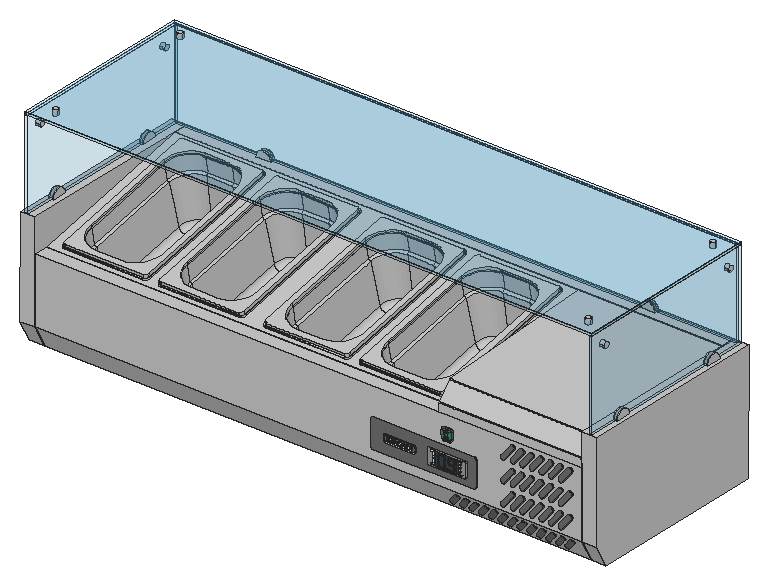
Revit family "QF_BLIZZARD_TOP1200CR", category Specialty Equipment, Revit 2016
Family settings
  Part Type = Normal
  Round Connector Dimension = Use Diameter
  OmniClass Number = 23.40.40.14
  OmniClass Title = Food Service Equipment
  Work Plane-Based = No
  Always vertical = Yes
  Cut with Voids When Loaded = No
  Shared = No
  Room Calculation Point = No
Parameters (values of type "TOP1200CR")
  URL = "www.blizzardequipment.com"
  Show Logo [instance] = yes
  Show Clearance [instance] = yes
  Model = "TOP1200CR"
  Manufacturer = "BLIZZARD"
  Description = "1/3 GASTRONORM PREP TOP WITH GLASS COVER 1200MM"
  Assembly Code = "E1090320"
Reference planes
  plane 1 "Back": y = 0
  plane 2: z = 0
  plane 3 "Left": x = 0
  plane 4 "Right": x = 1200
  plane 5 "Front": y = -395
  plane 6 "Top": z = 439
Forms (mm)
  Extrusion 1, solid
    sketch origin (0, -4, -8) x (0, 1, 0) y (0, 0, 1)
      loop
        line (-391, 53) -> (-366, 8) -> (2.955, 8)
        arc (2.955, 8) -> (3.694, 8.306) -> (4, 9.045) r 1.045
        line (4, 9.045) -> (4, 258) -> (-391, 258) -> (-391, 53)
    from 0 to 30
  Extrusion 2, solid
    sketch origin (1170, -4, -8) x (0, 1, 0) y (0, 0, 1)
      loop
        line (-391, 53) -> (-366, 8) -> (2.955, 8)
        arc (2.955, 8) -> (3.694, 8.306) -> (4, 9.045) r 1.045
        line (4, 9.045) -> (4, 258) -> (-391, 258) -> (-391, 53)
    from 0 to 30
  Extrusion 3, solid
    sketch origin (-580, -4, -8) x (0, 1, 0) y (0, 0, 1)
      loop
        line (-391, 53) -> (-366, 8) -> (2.955, 8)
        arc (2.955, 8) -> (3.694, 8.306) -> (4, 9.045) r 1.045
        line (4, 9.045) -> (4, 258) -> (-26, 258) -> (-26, 38) -> (-348.348, 38) -> (-361, 60.774) -> (-361, 190.193) -> (-391, 190.193) -> (-391, 53)
    from 610 to 1750
  Extrusion 4, solid
    sketch origin (10, 0, -20) x (0, 1, 0) y (0, 0, 1)
      loop
        line (-5, 455) -> (-395, 455) -> (-395, 270) -> (-5, 270) -> (-5, 455)
    from 0 to 5
  Extrusion 5, solid
    sketch origin (1185, 0, -20) x (0, 1, 0) y (0, 0, 1)
      loop
        line (-5, 455) -> (-395, 455) -> (-395, 270) -> (-5, 270) -> (-5, 455)
    from 0 to 5
  Extrusion 6, solid
    sketch origin (-610, 0, -20) x (0, 1, 0) y (0, 0, 1)
      loop
        line (-5, 460) -> (-395, 460) -> (-395, 455) -> (-5, 455) -> (-5, 460)
    from 620 to 1800
  Extrusion 7, solid
    sketch origin (-610, -5, -20) x (1, 0, 0) y (0, 0, 1)
      loop
        line (625, 455) -> (625, 270) -> (1795, 270) -> (1795, 455) -> (625, 455)
    from 0 to 5
  Extrusion 8, solid
    sketch origin (8, -65, -20) x (0, 1, 0) y (0, 0, 1)
      loop
        arc (0, 270) -> (-15, 285) -> (-30, 270) r 15
        line (-30, 270) -> (0, 270)
    from 0 to 2
  Extrusion 9, solid
    sketch origin (8, -330, -20) x (0, -1, 0) y (0, 0, -1)
      loop
        line (0, -270) -> (-30, -270)
        arc (-30, -270) -> (-15, -285) -> (0, -270) r 15
    from 0 to 2
  Extrusion 10, solid
    sketch origin (15, -65, -20) x (0, 1, 0) y (0, 0, 1)
      loop
        arc (0, 270) -> (-15, 285) -> (-30, 270) r 15
        line (-30, 270) -> (0, 270)
    from 0 to 2
  Extrusion 11, solid
    sketch origin (15, -330, -20) x (0, -1, 0) y (0, 0, -1)
      loop
        line (0, -270) -> (-30, -270)
        arc (-30, -270) -> (-15, -285) -> (0, -270) r 15
    from 0 to 2
  Extrusion 12, solid
    sketch origin (1183, -65, -20) x (0, 1, 0) y (0, 0, 1)
      loop
        arc (0, 270) -> (-15, 285) -> (-30, 270) r 15
        line (-30, 270) -> (0, 270)
    from 0 to 2
  Extrusion 13, solid
    sketch origin (1183, -330, -20) x (0, -1, 0) y (0, 0, -1)
      loop
        line (0, -270) -> (-30, -270)
        arc (-30, -270) -> (-15, -285) -> (0, -270) r 15
    from 0 to 2
  Extrusion 14, solid
    sketch origin (1190, -65, -20) x (0, 1, 0) y (0, 0, 1)
      loop
        arc (0, 270) -> (-15, 285) -> (-30, 270) r 15
        line (-30, 270) -> (0, 270)
    from 0 to 2
  Extrusion 15, solid
    sketch origin (1190, -330, -20) x (0, -1, 0) y (0, 0, -1)
      loop
        line (0, -270) -> (-30, -270)
        arc (-30, -270) -> (-15, -285) -> (0, -270) r 15
    from 0 to 2
  Extrusion 16, solid
    sketch origin (7.5, 0, -20) x (0, 1, 0) y (0, 0, 1)
      loop
        circle (-359.645, 424.645) r 5
    from 0 to 10
  Extrusion 17, solid
    sketch origin (1192.5, 0, -20) x (0, 1, 0) y (0, 0, -1)
      loop
        circle (-359.645, -424.645) r 5
    from 0 to 10
  Extrusion 18, solid
    sketch origin (7.5, -395, -20) x (0, -1, 0) y (0, 0, -1)
      loop
        circle (-359.645, -424.645) r 5
    from 0 to 10
  Extrusion 19, solid
    sketch origin (1192.5, -395, -20) x (0, -1, 0) y (0, 0, 1)
      loop
        circle (-359.645, 424.645) r 5
    from 0 to 10
  Extrusion 20, solid
    sketch origin (0, 0, 432.5) x (1, 0, 0) y (0, 1, 0)
      loop
        circle (45.355, -35.355) r 5
    from 0 to 10
  Extrusion 21, solid
    sketch origin (1200, 0, 432.5) x (-1, 0, 0) y (0, -1, 0)
      loop
        circle (45.355, 35.355) r 5
    from 0 to 10
  Extrusion 22, solid
    sketch origin (0, -395, 432.5) x (1, 0, 0) y (0, 1, 0)
      loop
        circle (45.355, 35.355) r 5
    from 0 to 10
  Extrusion 23, solid
    sketch origin (1200, -395, 432.5) x (-1, 0, 0) y (0, -1, 0)
      loop
        circle (45.355, -35.355) r 5
    from 0 to 10
  Extrusion 24, solid
    sketch origin (-610, 389.719, 331.894) x (1, 0, 0) y (0, 0.980124, 0.198386)
      loop
        line (640, -769.416) -> (1780, -769.416) -> (1780, -427.653) -> (640, -427.653) -> (640, -769.416)
      loop
        line (833, -442.96) -> (671, -442.96)
        arc (671, -442.96) -> (666.757, -444.717) -> (665, -448.96) r 6
        line (665, -448.96) -> (665, -749.86)
        arc (665, -749.86) -> (666.757, -754.102) -> (671, -755.86) r 6
        line (671, -755.86) -> (833, -755.86)
        arc (833, -755.86) -> (837.243, -754.102) -> (839, -749.86) r 6
        line (839, -749.86) -> (839, -448.96)
        arc (839, -448.96) -> (837.243, -444.717) -> (833, -442.96) r 6
      loop
        line (1032, -442.96) -> (870, -442.96)
        arc (870, -442.96) -> (865.757, -444.717) -> (864, -448.96) r 6
        line (864, -448.96) -> (864, -749.86)
        arc (864, -749.86) -> (865.757, -754.102) -> (870, -755.86) r 6
        line (870, -755.86) -> (1032, -755.86)
        arc (1032, -755.86) -> (1036.243, -754.102) -> (1038, -749.86) r 6
        line (1038, -749.86) -> (1038, -448.96)
        arc (1038, -448.96) -> (1036.243, -444.717) -> (1032, -442.96) r 6
      loop
        line (1252, -442.96) -> (1090, -442.96)
        arc (1090, -442.96) -> (1085.757, -444.717) -> (1084, -448.96) r 6
        line (1084, -448.96) -> (1084, -749.86)
        arc (1084, -749.86) -> (1085.757, -754.102) -> (1090, -755.86) r 6
        line (1090, -755.86) -> (1252, -755.86)
        arc (1252, -755.86) -> (1256.243, -754.102) -> (1258, -749.86) r 6
        line (1258, -749.86) -> (1258, -448.96)
        arc (1258, -448.96) -> (1256.243, -444.717) -> (1252, -442.96) r 6
      loop
        line (1451, -442.96) -> (1289, -442.96)
        arc (1289, -442.96) -> (1284.757, -444.717) -> (1283, -448.96) r 6
        line (1283, -448.96) -> (1283, -749.86)
        arc (1283, -749.86) -> (1284.757, -754.102) -> (1289, -755.86) r 6
        line (1289, -755.86) -> (1451, -755.86)
        arc (1451, -755.86) -> (1455.243, -754.102) -> (1457, -749.86) r 6
        line (1457, -749.86) -> (1457, -448.96)
        arc (1457, -448.96) -> (1455.243, -444.717) -> (1451, -442.96) r 6
    from 0 to 3
  Sweep 25, solid
    path origin (379, -13.722, 107.395) x (0, -0.980124, -0.198386) y (1, 0, 0)
      loop
        line (62.985, -289.089) -> (255.95, -289.089)
        arc (255.95, -289.089) -> (273.337, -281.887) -> (280.539, -264.5) r 24.589
        line (280.539, -264.5) -> (280.539, -209.5)
        arc (280.539, -209.5) -> (273.337, -192.113) -> (255.95, -184.911) r 24.589
        line (255.95, -184.911) -> (62.985, -184.911)
        arc (62.985, -184.911) -> (45.598, -192.113) -> (38.396, -209.5) r 24.589
        line (38.396, -209.5) -> (38.396, -264.5)
        arc (38.396, -264.5) -> (45.598, -281.887) -> (62.985, -289.089) r 24.589
    profile origin (89.911, -170.02, 75.759) x (1, 0, 0) y (0, -0.198386, 0.980124)
      loop
        arc (0, 2) -> (-9.637, 5.845) -> (-13.981, 15.267) r 14
        line (-13.981, 15.267) -> (-18.689, 105.106) -> (-23.411, 109.828) -> (-23.411, 143) -> (-25.411, 143) -> (-25.411, 109) -> (-20.646, 104.235) -> (-15.978, 15.163)
        arc (-15.978, 15.163) -> (-11.014, 4.394) -> (0, 0) r 16
        line (0, 0) -> (0, 2)
  Extrusion 26, solid
    sketch origin (379, -14.714, 112.295) x (0, -0.980124, -0.198386) y (1, 0, 0)
      loop
        line (0, -156) -> (0, -318)
        arc (0, -318) -> (2.636, -324.364) -> (9, -327) r 9
        line (9, -327) -> (309.939, -327)
        arc (309.939, -327) -> (316.303, -324.364) -> (318.939, -318) r 9
        line (318.939, -318) -> (318.939, -156)
        arc (318.939, -156) -> (316.303, -149.636) -> (309.939, -147) r 9
        line (309.939, -147) -> (9, -147)
        arc (9, -147) -> (2.636, -149.636) -> (0, -156) r 9
      loop
        arc (14.985, -264.5) -> (29.043, -298.441) -> (62.985, -312.5) r 48
        line (62.985, -312.5) -> (256.139, -312.5)
        arc (256.139, -312.5) -> (289.949, -298.495) -> (303.954, -264.685) r 47.815
        line (303.954, -264.685) -> (303.954, -209.5)
        arc (303.954, -209.5) -> (289.895, -175.559) -> (255.954, -161.5) r 48
        line (255.954, -161.5) -> (62.985, -161.5)
        arc (62.985, -161.5) -> (29.043, -175.559) -> (14.985, -209.5) r 48
        line (14.985, -209.5) -> (14.985, -264.5)
    from 138 to 140
  Extrusion 27, solid
    sketch origin (379, -14.714, 112.295) x (0, -0.980124, -0.198386) y (1, 0, 0)
      loop
        arc (3, -318) -> (4.757, -322.243) -> (9, -324) r 6
        line (9, -324) -> (309.939, -324)
        arc (309.939, -324) -> (314.181, -322.243) -> (315.939, -318) r 6
        line (315.939, -318) -> (315.939, -156)
        arc (315.939, -156) -> (314.181, -151.757) -> (309.939, -150) r 6
        line (309.939, -150) -> (9, -150)
        arc (9, -150) -> (4.757, -151.757) -> (3, -156) r 6
        line (3, -156) -> (3, -318)
      loop
        arc (14.985, -264.5) -> (29.043, -298.441) -> (62.985, -312.5) r 48
        line (62.985, -312.5) -> (255.954, -312.5)
        arc (255.954, -312.5) -> (289.895, -298.441) -> (303.954, -264.5) r 48
        line (303.954, -264.5) -> (303.954, -209.5)
        arc (303.954, -209.5) -> (289.895, -175.559) -> (255.954, -161.5) r 48
        line (255.954, -161.5) -> (62.985, -161.5)
        arc (62.985, -161.5) -> (29.043, -175.559) -> (14.985, -209.5) r 48
        line (14.985, -209.5) -> (14.985, -264.5)
    from 140 to 145
  Extrusion 28, solid
    sketch origin (379, -425.374, 24.073) x (0, -0.980124, -0.198386) y (1, 0, 0)
      loop
        arc (-357.015, -184.911) -> (-374.402, -192.113) -> (-381.604, -209.5) r 24.589
        line (-381.604, -209.5) -> (-381.604, -264.5)
        arc (-381.604, -264.5) -> (-374.402, -281.887) -> (-357.015, -289.089) r 24.589
        line (-357.015, -289.089) -> (-163.865, -289.089)
        arc (-163.865, -289.089) -> (-146.609, -281.941) -> (-139.461, -264.685) r 24.404
        line (-139.461, -264.685) -> (-139.461, -209.315)
        arc (-139.461, -209.315) -> (-146.609, -192.059) -> (-163.865, -184.911) r 24.404
        line (-163.865, -184.911) -> (-357.015, -184.911)
    from 0 to 2
  Extrusion 29, solid
    sketch origin (42.5, -3, -20) x (1, 0, 0) y (0, 0, 1)
      loop
        line (142.5, 270) -> (172.5, 270)
        arc (172.5, 270) -> (157.5, 285) -> (142.5, 270) r 15
    from 0 to 2
  Extrusion 30, solid
    sketch origin (1157.5, -3, -20) x (-1, 0, 0) y (0, 0, -1)
      loop
        arc (142.5, -270) -> (157.5, -285) -> (172.5, -270) r 15
        line (172.5, -270) -> (142.5, -270)
    from 0 to 2
  Extrusion 31, solid
    sketch origin (42.5, -10, -20) x (1, 0, 0) y (0, 0, 1)
      loop
        line (142.5, 270) -> (172.5, 270)
        arc (172.5, 270) -> (157.5, 285) -> (142.5, 270) r 15
    from 0 to 2
  Extrusion 32, solid
    sketch origin (1157.5, -10, -20) x (-1, 0, 0) y (0, 0, -1)
      loop
        arc (142.5, -270) -> (157.5, -285) -> (172.5, -270) r 15
        line (172.5, -270) -> (142.5, -270)
    from 0 to 2
  Extrusion 33, solid
    sketch origin (848, 205.936, 282.02) x (0, -0.34202, 0.939693) y (0, -0.939693, -0.34202)
      loop
        line (10.308, 247.326) -> (50.606, 232.659) -> (149.332, 555.577)
        arc (149.332, 555.577) -> (149.387, 556.194) -> (149.187, 556.781) r 1.501
        line (149.187, 556.781) -> (128.527, 591.598)
        arc (128.527, 591.598) -> (128.102, 592.105) -> (127.538, 592.449) r 2.032
        line (127.538, 592.449) -> (111.726, 598.838) -> (109.154, 591.772) -> (109.731, 567.639) -> (10.308, 247.326)
    from 24 to 322
  Extrusion 34, solid
    sketch origin (450.536, -393.5, -1739.135) x (1, 0, 0) y (0, 0, 1)
      loop
        arc (285, 1864.135) -> (281.464, 1862.671) -> (280, 1859.135) r 5
        line (280, 1859.135) -> (280, 1809.135)
        arc (280, 1809.135) -> (281.464, 1805.6) -> (285, 1804.135) r 5
        line (285, 1804.135) -> (494.464, 1804.135)
        arc (494.464, 1804.135) -> (498, 1805.6) -> (499.464, 1809.135) r 5
        line (499.464, 1809.135) -> (499.464, 1859.135)
        arc (499.464, 1859.135) -> (498, 1862.671) -> (494.464, 1864.135) r 5
        line (494.464, 1864.135) -> (285, 1864.135)
    from 0 to 2
  Extrusion 35, solid
    sketch origin (592.5, -393.5, -713.75) x (1, 0, 0) y (0, 0, 1)
      loop
        arc (260.5, 825) -> (258.379, 824.121) -> (257.5, 822) r 3
        line (257.5, 822) -> (257.5, 795.5)
        arc (257.5, 795.5) -> (258.379, 793.379) -> (260.5, 792.5) r 3
        line (260.5, 792.5) -> (334.5, 792.5)
        arc (334.5, 792.5) -> (336.621, 793.379) -> (337.5, 795.5) r 3
        line (337.5, 795.5) -> (337.5, 822)
        arc (337.5, 822) -> (336.621, 824.121) -> (334.5, 825) r 3
        line (334.5, 825) -> (260.5, 825)
    from 0 to 4
  Extrusion 36, solid
    sketch origin (592.5, -396.5, -703.75) x (1, 0, 0) y (0, 0, 1)
      loop
        arc (278, 812.5) -> (275.879, 811.621) -> (275, 809.5) r 3
        line (275, 809.5) -> (275, 788)
        arc (275, 788) -> (275.879, 785.879) -> (278, 785) r 3
        line (278, 785) -> (317, 785)
        arc (317, 785) -> (319.121, 785.879) -> (320, 788) r 3
        line (320, 788) -> (320, 809.5)
        arc (320, 809.5) -> (319.121, 811.621) -> (317, 812.5) r 3
        line (317, 812.5) -> (278, 812.5)
    from 0 to 2
  Extrusion 37, solid
    sketch origin (593.951, -397, -704.25) x (1, 0, 0) y (0, 0, 1)
      loop
        line (278.549, 800.5) -> (280.549, 800.5) -> (280.549, 809) -> (278.549, 809) -> (278.549, 800.5)
      loop
        line (278.549, 789) -> (280.549, 789) -> (280.549, 797) -> (278.549, 797) -> (278.549, 789)
      loop
        line (281.049, 811.5) -> (281.049, 809.5) -> (291.049, 809.5) -> (291.049, 811.5) -> (281.049, 811.5)
      loop
        line (293.549, 800.5) -> (293.549, 809) -> (291.549, 809) -> (291.549, 800.5) -> (293.549, 800.5)
      loop
        line (293.549, 789) -> (293.549, 797) -> (291.549, 797) -> (291.549, 789) -> (293.549, 789)
      loop
        line (281.049, 786.5) -> (291.049, 786.5) -> (291.049, 788.5) -> (281.049, 788.5) -> (281.049, 786.5)
      loop
        line (298.549, 800.5) -> (300.549, 800.5) -> (300.549, 809) -> (298.549, 809) -> (298.549, 800.5)
      loop
        line (301.049, 811.5) -> (301.049, 809.5) -> (311.049, 809.5) -> (311.049, 811.5) -> (301.049, 811.5)
      loop
        line (313.549, 800.5) -> (313.549, 809) -> (311.549, 809) -> (311.549, 800.5) -> (313.549, 800.5)
      loop
        line (313.549, 789) -> (313.549, 797) -> (311.549, 797) -> (311.549, 789) -> (313.549, 789)
      loop
        line (301.049, 798) -> (311.049, 798) -> (311.049, 800) -> (301.049, 800) -> (301.049, 798)
      loop
        line (301.049, 786.5) -> (311.049, 786.5) -> (311.049, 788.5) -> (301.049, 788.5) -> (301.049, 786.5)
      loop
        line (297.049, 786.5) -> (297.049, 788.5) -> (295.049, 788.5) -> (295.049, 786.5) -> (297.049, 786.5)
    from 0 to 2
  Extrusion 38, solid
    sketch origin (565.5, -396, -1708.75) x (1, 0, 0) y (0, 0, 1)
      loop
        arc (300, 1815) -> (299.121, 1817.121) -> (297, 1818) r 3
        line (297, 1818) -> (292, 1818) -> (292, 1816) -> (297, 1816)
        arc (297, 1816) -> (297.707, 1815.707) -> (298, 1815) r 1
        line (298, 1815) -> (298, 1811.5) -> (295, 1811.5) -> (295, 1809.5) -> (298, 1809.5) -> (298, 1805) -> (295, 1805) -> (295, 1803) -> (298, 1803) -> (298, 1798.5) -> (295, 1798.5) -> (295, 1796.5) -> (298, 1796.5) -> (298, 1793)
        arc (298, 1793) -> (297.707, 1792.293) -> (297, 1792) r 1
        line (297, 1792) -> (292, 1792) -> (292, 1790) -> (297, 1790)
        arc (297, 1790) -> (299.121, 1790.879) -> (300, 1793) r 3
        line (300, 1793) -> (300, 1815)
      loop
        line (349, 1815) -> (349, 1793)
        arc (349, 1793) -> (349.879, 1790.879) -> (352, 1790) r 3
        line (352, 1790) -> (357, 1790) -> (357, 1792) -> (352, 1792)
        arc (352, 1792) -> (351.293, 1792.293) -> (351, 1793) r 1
        line (351, 1793) -> (351, 1796.5) -> (354, 1796.5) -> (354, 1798.5) -> (351, 1798.5) -> (351, 1803) -> (354, 1803) -> (354, 1805) -> (351, 1805) -> (351, 1809.5) -> (354, 1809.5) -> (354, 1811.5) -> (351, 1811.5) -> (351, 1815)
        arc (351, 1815) -> (351.293, 1815.707) -> (352, 1816) r 1
        line (352, 1816) -> (357, 1816) -> (357, 1818) -> (352, 1818)
        arc (352, 1818) -> (349.879, 1817.121) -> (349, 1815) r 3
    from 0 to 2
  Extrusion 39, solid, visible <- "Show Logo"
    sketch origin (732.91, -393.7, -42.983) x (1, 0, 0) y (0, 0, 1)
      loop
        line (30.3, 133.137) -> (36.162, 133.137)
        arc (36.162, 133.137) -> (39.122, 134.994) -> (38.048, 138.319) r 2.844
        arc (38.048, 138.319) -> (38.838, 141.267) -> (36.338, 143.017) r 2.66
        line (36.338, 143.017) -> (31.338, 143.017) -> (30.3, 133.137)
      loop
        line (33.066, 135.126) -> (35.993, 135.126)
        arc (35.993, 135.126) -> (36.943, 136.076) -> (35.993, 137.026) r 0.95
        line (35.993, 137.026) -> (33.066, 137.026) -> (33.066, 135.126)
      loop
        line (33.528, 139.285) -> (36.147, 139.285)
        arc (36.147, 139.285) -> (36.994, 140.133) -> (36.147, 140.98) r 0.847
        line (36.147, 140.98) -> (33.528, 140.98) -> (33.528, 139.285)
      loop
        line (40.306, 133.137) -> (42.874, 133.137) -> (43.912, 143.017) -> (41.344, 143.017) -> (40.306, 133.137)
      loop
        line (45.174, 140.98) -> (47.749, 140.98) -> (47.964, 143.017) -> (45.389, 143.017) -> (45.174, 140.98)
      loop
        line (45.104, 140.313) -> (44.35, 133.137) -> (46.671, 133.137) -> (47.425, 140.313) -> (45.104, 140.313)
      loop
        line (48.314, 138.359) -> (51.196, 138.359) -> (47.765, 134.548) -> (47.765, 133.137) -> (54.184, 133.137) -> (54.393, 135.126) -> (51.213, 135.126) -> (54.657, 138.952) -> (54.657, 140.313) -> (48.519, 140.313) -> (48.314, 138.359)
      loop
        line (55.213, 138.359) -> (58.095, 138.359) -> (54.664, 134.548) -> (54.664, 133.137) -> (61.084, 133.137) -> (61.293, 135.126) -> (58.112, 135.126) -> (61.557, 138.952) -> (61.557, 140.313) -> (55.419, 140.313) -> (55.213, 138.359)
      loop
        arc (64.816, 137.983) -> (65.785, 138.952) -> (66.753, 137.983) r 0.969
        line (66.753, 137.983) -> (64.711, 137.436)
        arc (64.711, 137.436) -> (62.642, 134.297) -> (66.342, 133.633) r 2.251
        line (66.342, 133.633) -> (66.77, 132.921) -> (69.168, 132.921) -> (68.641, 134.052) -> (69.084, 138.274)
        arc (69.084, 138.274) -> (65.782, 140.567) -> (62.514, 138.225) r 3.488
        line (62.514, 138.225) -> (64.816, 137.983)
      loop
        line (69.848, 133.137) -> (72.232, 133.137) -> (72.59, 136.546)
        arc (72.59, 136.546) -> (73.413, 137.974) -> (75.025, 138.32) r 2.029
        line (75.025, 138.32) -> (75.83, 140.313)
        arc (75.83, 140.313) -> (74.279, 140.541) -> (72.927, 139.749) r 2.362
        line (72.927, 139.749) -> (72.927, 140.627) -> (70.635, 140.627) -> (69.848, 133.137)
      loop
        line (82.596, 133.137) -> (83.635, 143.017) -> (81.373, 143.017) -> (81.031, 139.764)
        arc (81.031, 139.764) -> (75.402, 137.124) -> (80.359, 133.372) r 3.631
        line (80.359, 133.372) -> (82.596, 133.137)
      loop
        spline (78.956, 134.82) -> (79.32, 134.851) -> (79.675, 135.016) -> (79.994, 135.304) -> (80.258, 135.695) -> (80.446, 136.164) -> (80.548, 136.677) -> (80.555, 137.2) -> (80.468, 137.697) -> (80.292, 138.134) -> (80.039, 138.483) -> (79.727, 138.718) -> (79.376, 138.823)
        spline (79.376, 138.823) -> (79.011, 138.793) -> (78.657, 138.628) -> (78.338, 138.34) -> (78.074, 137.948) -> (77.886, 137.48) -> (77.784, 136.967) -> (77.777, 136.444) -> (77.864, 135.947) -> (78.04, 135.509) -> (78.293, 135.161) -> (78.605, 134.926) -> (78.956, 134.82)
      loop
        line (66.385, 136.28) -> (64.729, 135.958)
        arc (64.729, 135.958) -> (64.361, 135.233) -> (65.042, 134.788) r 0.609
        arc (65.042, 134.788) -> (66.068, 135.215) -> (66.385, 136.28) r 1.295
      loop
        line (85.459, 146.184) -> (29.578, 146.184)
        arc (29.578, 146.184) -> (25.494, 144.492) -> (23.802, 140.407) r 5.777
        line (23.802, 140.407) -> (23.802, 135.662)
        arc (23.802, 135.662) -> (25.494, 131.578) -> (29.578, 129.886) r 5.777
        line (29.578, 129.886) -> (85.459, 129.886)
        arc (85.459, 129.886) -> (89.544, 131.578) -> (91.236, 135.662) r 5.777
        line (91.236, 135.662) -> (91.236, 140.407)
        arc (91.236, 140.407) -> (89.544, 144.492) -> (85.459, 146.184) r 5.777
      loop
        line (85.459, 145.184) -> (29.578, 145.184)
        arc (29.578, 145.184) -> (26.201, 143.785) -> (24.802, 140.407) r 4.777
        line (24.802, 140.407) -> (24.802, 135.662)
        arc (24.802, 135.662) -> (26.201, 132.285) -> (29.578, 130.886) r 4.777
        line (29.578, 130.886) -> (85.459, 130.886)
        arc (85.459, 130.886) -> (88.837, 132.285) -> (90.236, 135.662) r 4.777
        line (90.236, 135.662) -> (90.236, 140.407)
        arc (90.236, 140.407) -> (88.837, 143.785) -> (85.459, 145.184) r 4.777
    from 0 to 2
  Extrusion 40, solid
    sketch origin (-8.92, -393.5, -34.541) x (1, 0, 0) y (0, 0, 1)
      loop
        line (1030, 207.338) -> (1011.08, 183.441)
        arc (1011.08, 183.441) -> (1011.896, 176.418) -> (1018.92, 177.234) r 5
        line (1018.92, 177.234) -> (1037.84, 201.13)
        arc (1037.84, 201.13) -> (1037.024, 208.154) -> (1030, 207.338) r 5
      loop
        line (1050, 207.338) -> (1031.08, 183.441)
        arc (1031.08, 183.441) -> (1031.896, 176.418) -> (1038.92, 177.234) r 5
        line (1038.92, 177.234) -> (1057.84, 201.13)
        arc (1057.84, 201.13) -> (1057.024, 208.154) -> (1050, 207.338) r 5
      loop
        line (1070, 207.338) -> (1051.08, 183.441)
        arc (1051.08, 183.441) -> (1051.896, 176.418) -> (1058.92, 177.234) r 5
        line (1058.92, 177.234) -> (1077.84, 201.13)
        arc (1077.84, 201.13) -> (1077.024, 208.154) -> (1070, 207.338) r 5
      loop
        line (1090, 207.338) -> (1071.08, 183.441)
        arc (1071.08, 183.441) -> (1071.896, 176.418) -> (1078.92, 177.234) r 5
        line (1078.92, 177.234) -> (1097.84, 201.13)
        arc (1097.84, 201.13) -> (1097.024, 208.154) -> (1090, 207.338) r 5
      loop
        line (1110, 207.338) -> (1091.08, 183.441)
        arc (1091.08, 183.441) -> (1091.896, 176.418) -> (1098.92, 177.234) r 5
        line (1098.92, 177.234) -> (1117.84, 201.13)
        arc (1117.84, 201.13) -> (1117.024, 208.154) -> (1110, 207.338) r 5
      loop
        line (1130, 207.338) -> (1111.08, 183.441)
        arc (1111.08, 183.441) -> (1111.896, 176.418) -> (1118.92, 177.234) r 5
        line (1118.92, 177.234) -> (1137.84, 201.13)
        arc (1137.84, 201.13) -> (1137.024, 208.154) -> (1130, 207.338) r 5
      loop
        line (1150, 207.338) -> (1131.08, 183.441)
        arc (1131.08, 183.441) -> (1131.896, 176.418) -> (1138.92, 177.234) r 5
        line (1138.92, 177.234) -> (1157.84, 201.13)
        arc (1157.84, 201.13) -> (1157.024, 208.154) -> (1150, 207.338) r 5
      loop
        line (1030, 163.441) -> (1011.08, 139.545)
        arc (1011.08, 139.545) -> (1011.896, 132.521) -> (1018.92, 133.338) r 5
        line (1018.92, 133.338) -> (1037.84, 157.234)
        arc (1037.84, 157.234) -> (1037.024, 164.258) -> (1030, 163.441) r 5
      loop
        line (1050, 163.441) -> (1031.08, 139.545)
        arc (1031.08, 139.545) -> (1031.896, 132.521) -> (1038.92, 133.338) r 5
        line (1038.92, 133.338) -> (1057.84, 157.234)
        arc (1057.84, 157.234) -> (1057.024, 164.258) -> (1050, 163.441) r 5
      loop
        line (1070, 163.441) -> (1051.08, 139.545)
        arc (1051.08, 139.545) -> (1051.896, 132.521) -> (1058.92, 133.338) r 5
        line (1058.92, 133.338) -> (1077.84, 157.234)
        arc (1077.84, 157.234) -> (1077.024, 164.258) -> (1070, 163.441) r 5
      loop
        line (1090, 163.441) -> (1071.08, 139.545)
        arc (1071.08, 139.545) -> (1071.896, 132.521) -> (1078.92, 133.338) r 5
        line (1078.92, 133.338) -> (1097.84, 157.234)
        arc (1097.84, 157.234) -> (1097.024, 164.258) -> (1090, 163.441) r 5
      loop
        line (1110, 163.441) -> (1091.08, 139.545)
        arc (1091.08, 139.545) -> (1091.896, 132.521) -> (1098.92, 133.338) r 5
        line (1098.92, 133.338) -> (1117.84, 157.234)
        arc (1117.84, 157.234) -> (1117.024, 164.258) -> (1110, 163.441) r 5
      loop
        line (1130, 163.441) -> (1111.08, 139.545)
        arc (1111.08, 139.545) -> (1111.896, 132.521) -> (1118.92, 133.338) r 5
        line (1118.92, 133.338) -> (1137.84, 157.234)
        arc (1137.84, 157.234) -> (1137.024, 164.258) -> (1130, 163.441) r 5
      loop
        line (1150, 163.441) -> (1131.08, 139.545)
        arc (1131.08, 139.545) -> (1131.896, 132.521) -> (1138.92, 133.338) r 5
        line (1138.92, 133.338) -> (1157.84, 157.234)
        arc (1157.84, 157.234) -> (1157.024, 164.258) -> (1150, 163.441) r 5
      loop
        line (1030, 119.663) -> (1011.08, 95.767)
        arc (1011.08, 95.767) -> (1011.896, 88.743) -> (1018.92, 89.559) r 5
        line (1018.92, 89.559) -> (1037.84, 113.456)
        arc (1037.84, 113.456) -> (1037.024, 120.479) -> (1030, 119.663) r 5
      loop
        line (1050, 119.663) -> (1031.08, 95.767)
        arc (1031.08, 95.767) -> (1031.896, 88.743) -> (1038.92, 89.559) r 5
        line (1038.92, 89.559) -> (1057.84, 113.456)
        arc (1057.84, 113.456) -> (1057.024, 120.479) -> (1050, 119.663) r 5
      loop
        line (1070, 119.663) -> (1051.08, 95.767)
        arc (1051.08, 95.767) -> (1051.896, 88.743) -> (1058.92, 89.559) r 5
        line (1058.92, 89.559) -> (1077.84, 113.456)
        arc (1077.84, 113.456) -> (1077.024, 120.479) -> (1070, 119.663) r 5
      loop
        line (1090, 119.663) -> (1071.08, 95.767)
        arc (1071.08, 95.767) -> (1071.896, 88.743) -> (1078.92, 89.559) r 5
        line (1078.92, 89.559) -> (1097.84, 113.456)
        arc (1097.84, 113.456) -> (1097.024, 120.479) -> (1090, 119.663) r 5
      loop
        line (1110, 119.663) -> (1091.08, 95.767)
        arc (1091.08, 95.767) -> (1091.896, 88.743) -> (1098.92, 89.559) r 5
        line (1098.92, 89.559) -> (1117.84, 113.456)
        arc (1117.84, 113.456) -> (1117.024, 120.479) -> (1110, 119.663) r 5
      loop
        line (1130, 119.663) -> (1111.08, 95.767)
        arc (1111.08, 95.767) -> (1111.896, 88.743) -> (1118.92, 89.559) r 5
        line (1118.92, 89.559) -> (1137.84, 113.456)
        arc (1137.84, 113.456) -> (1137.024, 120.479) -> (1130, 119.663) r 5
      loop
        line (1150, 119.663) -> (1131.08, 95.767)
        arc (1131.08, 95.767) -> (1131.896, 88.743) -> (1138.92, 89.559) r 5
        line (1138.92, 89.559) -> (1157.84, 113.456)
        arc (1157.84, 113.456) -> (1157.024, 120.479) -> (1150, 119.663) r 5
    from 0 to 2
  Extrusion 41, solid
    sketch origin (-8.92, -288.186, -144.301) x (1, 0, 0) y (0, -0.485643, 0.874157)
      loop
        line (1030, 207.338) -> (1011.08, 183.441)
        arc (1011.08, 183.441) -> (1011.896, 176.418) -> (1018.92, 177.234) r 5
        line (1018.92, 177.234) -> (1037.84, 201.13)
        arc (1037.84, 201.13) -> (1037.024, 208.154) -> (1030, 207.338) r 5
      loop
        line (1050, 207.338) -> (1031.08, 183.441)
        arc (1031.08, 183.441) -> (1031.896, 176.418) -> (1038.92, 177.234) r 5
        line (1038.92, 177.234) -> (1057.84, 201.13)
        arc (1057.84, 201.13) -> (1057.024, 208.154) -> (1050, 207.338) r 5
      loop
        line (1070, 207.338) -> (1051.08, 183.441)
        arc (1051.08, 183.441) -> (1051.896, 176.418) -> (1058.92, 177.234) r 5
        line (1058.92, 177.234) -> (1077.84, 201.13)
        arc (1077.84, 201.13) -> (1077.024, 208.154) -> (1070, 207.338) r 5
      loop
        line (1090, 207.338) -> (1071.08, 183.441)
        arc (1071.08, 183.441) -> (1071.896, 176.418) -> (1078.92, 177.234) r 5
        line (1078.92, 177.234) -> (1097.84, 201.13)
        arc (1097.84, 201.13) -> (1097.024, 208.154) -> (1090, 207.338) r 5
      loop
        line (1110, 207.338) -> (1091.08, 183.441)
        arc (1091.08, 183.441) -> (1091.896, 176.418) -> (1098.92, 177.234) r 5
        line (1098.92, 177.234) -> (1117.84, 201.13)
        arc (1117.84, 201.13) -> (1117.024, 208.154) -> (1110, 207.338) r 5
      loop
        line (1130, 207.338) -> (1111.08, 183.441)
        arc (1111.08, 183.441) -> (1111.896, 176.418) -> (1118.92, 177.234) r 5
        line (1118.92, 177.234) -> (1137.84, 201.13)
        arc (1137.84, 201.13) -> (1137.024, 208.154) -> (1130, 207.338) r 5
      loop
        line (1150, 207.338) -> (1131.08, 183.441)
        arc (1131.08, 183.441) -> (1131.896, 176.418) -> (1138.92, 177.234) r 5
        line (1138.92, 177.234) -> (1157.84, 201.13)
        arc (1157.84, 201.13) -> (1157.024, 208.154) -> (1150, 207.338) r 5
      loop
        line (910, 207.338) -> (891.08, 183.441)
        arc (891.08, 183.441) -> (891.896, 176.418) -> (898.92, 177.234) r 5
        line (898.92, 177.234) -> (917.84, 201.13)
        arc (917.84, 201.13) -> (917.024, 208.154) -> (910, 207.338) r 5
      loop
        line (930, 207.338) -> (911.08, 183.441)
        arc (911.08, 183.441) -> (911.896, 176.418) -> (918.92, 177.234) r 5
        line (918.92, 177.234) -> (937.84, 201.13)
        arc (937.84, 201.13) -> (937.024, 208.154) -> (930, 207.338) r 5
      loop
        line (950, 207.338) -> (931.08, 183.441)
        arc (931.08, 183.441) -> (931.896, 176.418) -> (938.92, 177.234) r 5
        line (938.92, 177.234) -> (957.84, 201.13)
        arc (957.84, 201.13) -> (957.024, 208.154) -> (950, 207.338) r 5
      loop
        line (970, 207.338) -> (951.08, 183.441)
        arc (951.08, 183.441) -> (951.896, 176.418) -> (958.92, 177.234) r 5
        line (958.92, 177.234) -> (977.84, 201.13)
        arc (977.84, 201.13) -> (977.024, 208.154) -> (970, 207.338) r 5
      loop
        line (990, 207.338) -> (971.08, 183.441)
        arc (971.08, 183.441) -> (971.896, 176.418) -> (978.92, 177.234) r 5
        line (978.92, 177.234) -> (997.84, 201.13)
        arc (997.84, 201.13) -> (997.024, 208.154) -> (990, 207.338) r 5
      loop
        line (1010, 207.338) -> (991.08, 183.441)
        arc (991.08, 183.441) -> (991.896, 176.418) -> (998.92, 177.234) r 5
        line (998.92, 177.234) -> (1017.84, 201.13)
        arc (1017.84, 201.13) -> (1017.024, 208.154) -> (1010, 207.338) r 5
    from 0 to 2
  Extrusion 42, solid
    sketch origin (882.5, -385.499, -657) x (1, 0, 0) y (0, 0, 1)
      loop
        arc (3, 815) -> (0.879, 814.121) -> (0, 812) r 3
        line (0, 812) -> (0, 798)
        arc (0, 798) -> (0.879, 795.879) -> (3, 795) r 3
        line (3, 795) -> (12, 795)
        arc (12, 795) -> (14.121, 795.879) -> (15, 798) r 3
        line (15, 798) -> (15, 812)
        arc (15, 812) -> (14.121, 814.121) -> (12, 815) r 3
        line (12, 815) -> (3, 815)
    from 9.001 to 20
  Extrusion 43, void
    sketch origin (880, 254.501, -657) x (0, 1, 0) y (0, 0, 1)
      loop
        line (-659.545, 817.359) -> (-661.721, 817.359) -> (-661.721, 793) -> (-653.921, 793) -> (-659.545, 817.359)
    from 0 to 20
  Extrusion 44, solid
    sketch origin (882.5, -393.5, -657) x (1, 0, 0) y (0, 0, 1)
      loop
        arc (3, 818) -> (-1.243, 816.243) -> (-3, 812) r 6
        line (-3, 812) -> (-3, 798)
        arc (-3, 798) -> (-1.243, 793.757) -> (3, 792) r 6
        line (3, 792) -> (12, 792)
        arc (12, 792) -> (16.243, 793.757) -> (18, 798) r 6
        line (18, 798) -> (18, 812)
        arc (18, 812) -> (16.243, 816.243) -> (12, 818) r 6
        line (12, 818) -> (3, 818)
    from 0 to 4
  Extrusion 45, solid
    sketch origin (520.219, -220.533, -632.176) x (1, 0, 0) y (0, -0.224951, 0.97437)
      loop
        line (368.781, 810.281) -> (368.781, 805.281) -> (370.781, 805.281) -> (370.781, 810.281) -> (368.781, 810.281)
    from 0 to 2
  Extrusion 46, solid
    sketch origin (520.219, -217.384, -645.817) x (1, 0, 0) y (0, -0.224951, 0.97437)
      loop
        circle (369.781, 809.781) r 2.5
      loop
        circle (369.781, 809.781) r 3.5
    from 0 to 2
  Sweep 47, solid
    path origin (578, -13.722, 107.395) x (0, -0.980124, -0.198386) y (1, 0, 0)
      loop
        line (62.985, -289.089) -> (255.95, -289.089)
        arc (255.95, -289.089) -> (273.337, -281.887) -> (280.539, -264.5) r 24.589
        line (280.539, -264.5) -> (280.539, -209.5)
        arc (280.539, -209.5) -> (273.337, -192.113) -> (255.95, -184.911) r 24.589
        line (255.95, -184.911) -> (62.985, -184.911)
        arc (62.985, -184.911) -> (45.598, -192.113) -> (38.396, -209.5) r 24.589
        line (38.396, -209.5) -> (38.396, -264.5)
        arc (38.396, -264.5) -> (45.598, -281.887) -> (62.985, -289.089) r 24.589
    profile origin (288.911, -170.02, 75.759) x (1, 0, 0) y (0, -0.198386, 0.980124)
      loop
        arc (0, 2) -> (-9.637, 5.845) -> (-13.981, 15.267) r 14
        line (-13.981, 15.267) -> (-18.689, 105.106) -> (-23.411, 109.828) -> (-23.411, 143) -> (-25.411, 143) -> (-25.411, 109) -> (-20.646, 104.235) -> (-15.978, 15.163)
        arc (-15.978, 15.163) -> (-11.014, 4.394) -> (0, 0) r 16
        line (0, 0) -> (0, 2)
  Extrusion 48, solid
    sketch origin (578, -14.714, 112.295) x (0, -0.980124, -0.198386) y (1, 0, 0)
      loop
        line (0, -156) -> (0, -318)
        arc (0, -318) -> (2.636, -324.364) -> (9, -327) r 9
        line (9, -327) -> (309.939, -327)
        arc (309.939, -327) -> (316.303, -324.364) -> (318.939, -318) r 9
        line (318.939, -318) -> (318.939, -156)
        arc (318.939, -156) -> (316.303, -149.636) -> (309.939, -147) r 9
        line (309.939, -147) -> (9, -147)
        arc (9, -147) -> (2.636, -149.636) -> (0, -156) r 9
      loop
        arc (14.985, -264.5) -> (29.043, -298.441) -> (62.985, -312.5) r 48
        line (62.985, -312.5) -> (256.139, -312.5)
        arc (256.139, -312.5) -> (289.949, -298.495) -> (303.954, -264.685) r 47.815
        line (303.954, -264.685) -> (303.954, -209.5)
        arc (303.954, -209.5) -> (289.895, -175.559) -> (255.954, -161.5) r 48
        line (255.954, -161.5) -> (62.985, -161.5)
        arc (62.985, -161.5) -> (29.043, -175.559) -> (14.985, -209.5) r 48
        line (14.985, -209.5) -> (14.985, -264.5)
    from 138 to 140
  Extrusion 49, solid
    sketch origin (578, -14.714, 112.295) x (0, -0.980124, -0.198386) y (1, 0, 0)
      loop
        arc (3, -318) -> (4.757, -322.243) -> (9, -324) r 6
        line (9, -324) -> (309.939, -324)
        arc (309.939, -324) -> (314.181, -322.243) -> (315.939, -318) r 6
        line (315.939, -318) -> (315.939, -156)
        arc (315.939, -156) -> (314.181, -151.757) -> (309.939, -150) r 6
        line (309.939, -150) -> (9, -150)
        arc (9, -150) -> (4.757, -151.757) -> (3, -156) r 6
        line (3, -156) -> (3, -318)
      loop
        arc (14.985, -264.5) -> (29.043, -298.441) -> (62.985, -312.5) r 48
        line (62.985, -312.5) -> (255.954, -312.5)
        arc (255.954, -312.5) -> (289.895, -298.441) -> (303.954, -264.5) r 48
        line (303.954, -264.5) -> (303.954, -209.5)
        arc (303.954, -209.5) -> (289.895, -175.559) -> (255.954, -161.5) r 48
        line (255.954, -161.5) -> (62.985, -161.5)
        arc (62.985, -161.5) -> (29.043, -175.559) -> (14.985, -209.5) r 48
        line (14.985, -209.5) -> (14.985, -264.5)
    from 140 to 145
  Extrusion 50, solid
    sketch origin (578, -425.374, 24.073) x (0, -0.980124, -0.198386) y (1, 0, 0)
      loop
        arc (-357.015, -184.911) -> (-374.402, -192.113) -> (-381.604, -209.5) r 24.589
        line (-381.604, -209.5) -> (-381.604, -264.5)
        arc (-381.604, -264.5) -> (-374.402, -281.887) -> (-357.015, -289.089) r 24.589
        line (-357.015, -289.089) -> (-163.865, -289.089)
        arc (-163.865, -289.089) -> (-146.609, -281.941) -> (-139.461, -264.685) r 24.404
        line (-139.461, -264.685) -> (-139.461, -209.315)
        arc (-139.461, -209.315) -> (-146.609, -192.059) -> (-163.865, -184.911) r 24.404
        line (-163.865, -184.911) -> (-357.015, -184.911)
    from 0 to 2
  Sweep 51, solid
    path origin (798, -13.722, 107.395) x (0, -0.980124, -0.198386) y (1, 0, 0)
      loop
        line (62.985, -289.089) -> (255.95, -289.089)
        arc (255.95, -289.089) -> (273.337, -281.887) -> (280.539, -264.5) r 24.589
        line (280.539, -264.5) -> (280.539, -209.5)
        arc (280.539, -209.5) -> (273.337, -192.113) -> (255.95, -184.911) r 24.589
        line (255.95, -184.911) -> (62.985, -184.911)
        arc (62.985, -184.911) -> (45.598, -192.113) -> (38.396, -209.5) r 24.589
        line (38.396, -209.5) -> (38.396, -264.5)
        arc (38.396, -264.5) -> (45.598, -281.887) -> (62.985, -289.089) r 24.589
    profile origin (508.911, -170.02, 75.759) x (1, 0, 0) y (0, -0.198386, 0.980124)
      loop
        arc (0, 2) -> (-9.637, 5.845) -> (-13.981, 15.267) r 14
        line (-13.981, 15.267) -> (-18.689, 105.106) -> (-23.411, 109.828) -> (-23.411, 143) -> (-25.411, 143) -> (-25.411, 109) -> (-20.646, 104.235) -> (-15.978, 15.163)
        arc (-15.978, 15.163) -> (-11.014, 4.394) -> (0, 0) r 16
        line (0, 0) -> (0, 2)
  Extrusion 52, solid
    sketch origin (798, -14.714, 112.295) x (0, -0.980124, -0.198386) y (1, 0, 0)
      loop
        line (0, -156) -> (0, -318)
        arc (0, -318) -> (2.636, -324.364) -> (9, -327) r 9
        line (9, -327) -> (309.939, -327)
        arc (309.939, -327) -> (316.303, -324.364) -> (318.939, -318) r 9
        line (318.939, -318) -> (318.939, -156)
        arc (318.939, -156) -> (316.303, -149.636) -> (309.939, -147) r 9
        line (309.939, -147) -> (9, -147)
        arc (9, -147) -> (2.636, -149.636) -> (0, -156) r 9
      loop
        arc (14.985, -264.5) -> (29.043, -298.441) -> (62.985, -312.5) r 48
        line (62.985, -312.5) -> (256.139, -312.5)
        arc (256.139, -312.5) -> (289.949, -298.495) -> (303.954, -264.685) r 47.815
        line (303.954, -264.685) -> (303.954, -209.5)
        arc (303.954, -209.5) -> (289.895, -175.559) -> (255.954, -161.5) r 48
        line (255.954, -161.5) -> (62.985, -161.5)
        arc (62.985, -161.5) -> (29.043, -175.559) -> (14.985, -209.5) r 48
        line (14.985, -209.5) -> (14.985, -264.5)
    from 138 to 140
  Extrusion 53, solid
    sketch origin (798, -14.714, 112.295) x (0, -0.980124, -0.198386) y (1, 0, 0)
      loop
        arc (3, -318) -> (4.757, -322.243) -> (9, -324) r 6
        line (9, -324) -> (309.939, -324)
        arc (309.939, -324) -> (314.181, -322.243) -> (315.939, -318) r 6
        line (315.939, -318) -> (315.939, -156)
        arc (315.939, -156) -> (314.181, -151.757) -> (309.939, -150) r 6
        line (309.939, -150) -> (9, -150)
        arc (9, -150) -> (4.757, -151.757) -> (3, -156) r 6
        line (3, -156) -> (3, -318)
      loop
        arc (14.985, -264.5) -> (29.043, -298.441) -> (62.985, -312.5) r 48
        line (62.985, -312.5) -> (255.954, -312.5)
        arc (255.954, -312.5) -> (289.895, -298.441) -> (303.954, -264.5) r 48
        line (303.954, -264.5) -> (303.954, -209.5)
        arc (303.954, -209.5) -> (289.895, -175.559) -> (255.954, -161.5) r 48
        line (255.954, -161.5) -> (62.985, -161.5)
        arc (62.985, -161.5) -> (29.043, -175.559) -> (14.985, -209.5) r 48
        line (14.985, -209.5) -> (14.985, -264.5)
    from 140 to 145
  Extrusion 54, solid
    sketch origin (798, -425.374, 24.073) x (0, -0.980124, -0.198386) y (1, 0, 0)
      loop
        arc (-357.015, -184.911) -> (-374.402, -192.113) -> (-381.604, -209.5) r 24.589
        line (-381.604, -209.5) -> (-381.604, -264.5)
        arc (-381.604, -264.5) -> (-374.402, -281.887) -> (-357.015, -289.089) r 24.589
        line (-357.015, -289.089) -> (-163.865, -289.089)
        arc (-163.865, -289.089) -> (-146.609, -281.941) -> (-139.461, -264.685) r 24.404
        line (-139.461, -264.685) -> (-139.461, -209.315)
        arc (-139.461, -209.315) -> (-146.609, -192.059) -> (-163.865, -184.911) r 24.404
        line (-163.865, -184.911) -> (-357.015, -184.911)
    from 0 to 2
  Sweep 55, solid
    path origin (997, -13.722, 107.395) x (0, -0.980124, -0.198386) y (1, 0, 0)
      loop
        line (62.985, -289.089) -> (255.95, -289.089)
        arc (255.95, -289.089) -> (273.337, -281.887) -> (280.539, -264.5) r 24.589
        line (280.539, -264.5) -> (280.539, -209.5)
        arc (280.539, -209.5) -> (273.337, -192.113) -> (255.95, -184.911) r 24.589
        line (255.95, -184.911) -> (62.985, -184.911)
        arc (62.985, -184.911) -> (45.598, -192.113) -> (38.396, -209.5) r 24.589
        line (38.396, -209.5) -> (38.396, -264.5)
        arc (38.396, -264.5) -> (45.598, -281.887) -> (62.985, -289.089) r 24.589
    profile origin (707.911, -170.02, 75.759) x (1, 0, 0) y (0, -0.198386, 0.980124)
      loop
        arc (0, 2) -> (-9.637, 5.845) -> (-13.981, 15.267) r 14
        line (-13.981, 15.267) -> (-18.689, 105.106) -> (-23.411, 109.828) -> (-23.411, 143) -> (-25.411, 143) -> (-25.411, 109) -> (-20.646, 104.235) -> (-15.978, 15.163)
        arc (-15.978, 15.163) -> (-11.014, 4.394) -> (0, 0) r 16
        line (0, 0) -> (0, 2)
  Extrusion 56, solid
    sketch origin (997, -14.714, 112.295) x (0, -0.980124, -0.198386) y (1, 0, 0)
      loop
        line (0, -156) -> (0, -318)
        arc (0, -318) -> (2.636, -324.364) -> (9, -327) r 9
        line (9, -327) -> (309.939, -327)
        arc (309.939, -327) -> (316.303, -324.364) -> (318.939, -318) r 9
        line (318.939, -318) -> (318.939, -156)
        arc (318.939, -156) -> (316.303, -149.636) -> (309.939, -147) r 9
        line (309.939, -147) -> (9, -147)
        arc (9, -147) -> (2.636, -149.636) -> (0, -156) r 9
      loop
        arc (14.985, -264.5) -> (29.043, -298.441) -> (62.985, -312.5) r 48
        line (62.985, -312.5) -> (256.139, -312.5)
        arc (256.139, -312.5) -> (289.949, -298.495) -> (303.954, -264.685) r 47.815
        line (303.954, -264.685) -> (303.954, -209.5)
        arc (303.954, -209.5) -> (289.895, -175.559) -> (255.954, -161.5) r 48
        line (255.954, -161.5) -> (62.985, -161.5)
        arc (62.985, -161.5) -> (29.043, -175.559) -> (14.985, -209.5) r 48
        line (14.985, -209.5) -> (14.985, -264.5)
    from 138 to 140
  Extrusion 57, solid
    sketch origin (997, -14.714, 112.295) x (0, -0.980124, -0.198386) y (1, 0, 0)
      loop
        arc (3, -318) -> (4.757, -322.243) -> (9, -324) r 6
        line (9, -324) -> (309.939, -324)
        arc (309.939, -324) -> (314.181, -322.243) -> (315.939, -318) r 6
        line (315.939, -318) -> (315.939, -156)
        arc (315.939, -156) -> (314.181, -151.757) -> (309.939, -150) r 6
        line (309.939, -150) -> (9, -150)
        arc (9, -150) -> (4.757, -151.757) -> (3, -156) r 6
        line (3, -156) -> (3, -318)
      loop
        arc (14.985, -264.5) -> (29.043, -298.441) -> (62.985, -312.5) r 48
        line (62.985, -312.5) -> (255.954, -312.5)
        arc (255.954, -312.5) -> (289.895, -298.441) -> (303.954, -264.5) r 48
        line (303.954, -264.5) -> (303.954, -209.5)
        arc (303.954, -209.5) -> (289.895, -175.559) -> (255.954, -161.5) r 48
        line (255.954, -161.5) -> (62.985, -161.5)
        arc (62.985, -161.5) -> (29.043, -175.559) -> (14.985, -209.5) r 48
        line (14.985, -209.5) -> (14.985, -264.5)
    from 140 to 145
  Extrusion 58, solid
    sketch origin (997, -425.374, 24.073) x (0, -0.980124, -0.198386) y (1, 0, 0)
      loop
        arc (-357.015, -184.911) -> (-374.402, -192.113) -> (-381.604, -209.5) r 24.589
        line (-381.604, -209.5) -> (-381.604, -264.5)
        arc (-381.604, -264.5) -> (-374.402, -281.887) -> (-357.015, -289.089) r 24.589
        line (-357.015, -289.089) -> (-163.865, -289.089)
        arc (-163.865, -289.089) -> (-146.609, -281.941) -> (-139.461, -264.685) r 24.404
        line (-139.461, -264.685) -> (-139.461, -209.315)
        arc (-139.461, -209.315) -> (-146.609, -192.059) -> (-163.865, -184.911) r 24.404
        line (-163.865, -184.911) -> (-357.015, -184.911)
    from 0 to 2
Cuts and joins
  Extrusion 43 cuts Extrusion 42
  Extrusion 43 cuts Extrusion 45
  Extrusion 43 cuts Extrusion 46
Lines and regions (mm)
  symbolic lines, style "200-EquipBorder-2D"
    curve 1: line (0, 0, 0) -> (1200, 0, 0)
    curve 2: line (0, -395, 0) -> (0, 0, 0)
    curve 3: line (1200, -395, 0) -> (0, -395, 0)
    curve 4: line (1200, 0, 0) -> (1200, -395, 0)
Dimensions and locks
  plane 3 "Left" to plane 4 "Right" = 1200 mm
  plane 5 "Front" to plane 1 "Back" = 395 mm
  plane 6 "Top" to level = 439 mm  (x2)
  plane 1 "Back" to plane 5 "Front" = 395 mm
  plane 4 "Right" to plane 3 "Left" = 1200 mm
  aligned and locked: level to plane 2
